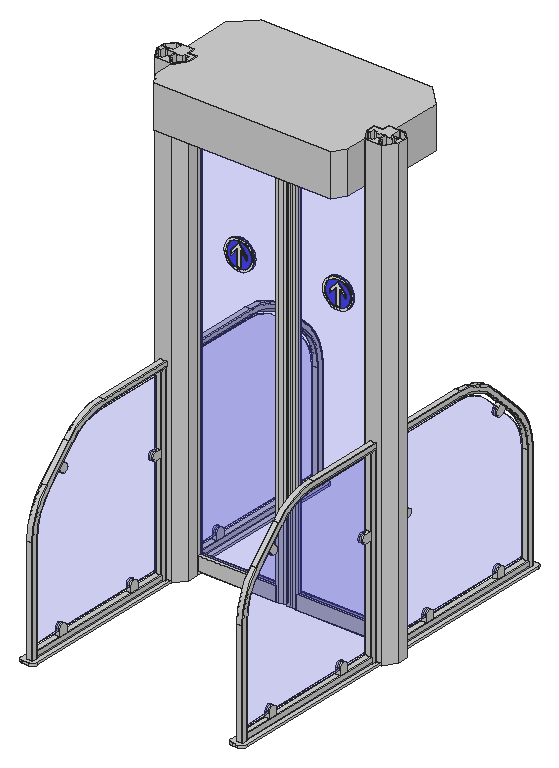
Revit family "agtatec_Record_ScrtTnnl_FlipFlowWide_Standalone2", category Doors, Revit 2015 (continued)
Automatic sketch dimensions
  curve 82 to curve 38 = 0.00 mm
  curve 38 to curve 83 = 0.00 mm
  curve 91 to curve 38 = 0.00 mm
  curve 83 to curve 38 = 19.042 mm
  curve 38 to curve 82 = 11.041 mm
  curve 38 to curve 91 = 11.041 mm
  curve 79 to curve 26 = 15.00 mm
  curve 78 to curve 1 = 6.897 mm
  curve 78 to curve 38 = 11.041 mm
  curve 78 to curve 78 = 846.634 mm
  curve 78 to curve 81 = 0.00 mm
  curve 80 to curve 81 = 0.002 mm
  curve 80 to curve 79 = 0.00 mm
  curve 81 to curve 81 = 3.001 mm
  curve 6 to curve 16 = 0.00 mm
  curve 9 to curve 10 = 9.50 mm
  curve 82 to curve 91 = 846.634 mm
  curve 91 to curve 88 = 0.00 mm
  curve 88 to curve 90 = 0.002 mm
  curve 89 to curve 90 = 0.00 mm
  curve 88 to curve 88 = 3.001 mm
  curve 86 to curve 38 = 11.00 mm
  curve 87 to curve 86 = 347.716 mm
  curve 82 to curve 86 = 0.00 mm
  curve 86 to curve 85 = 0.002 mm
  curve 85 to curve 83 = 0.00 mm
  curve 85 to curve 85 = 2.999 mm
  curve 38 to curve 79 = 19.042 mm
  curve 83 to curve 85 = 0.042 mm
  curve 79 to curve 80 = 0.042 mm
  curve 90 to curve 89 = 0.042 mm
  curve 80 to curve 77 = 2.958 mm
  curve 85 to curve 84 = 2.958 mm
  curve 89 to curve 87 = 2.958 mm
  curve 88 to curve 91 = 3.042 mm
  curve 86 to curve 86 = 3.001 mm
  curve 81 to curve 78 = 3.042 mm
  curve 81 to curve 77 = 0.042 mm
  curve 88 to curve 88 = 0.042 mm
  curve 93 to curve 60 = 6.897 mm
  curve 92 to curve 42 = 15.00 mm
  curve 39 to curve 96 = 11.00 mm
  curve 96 to curve 93 = 846.634 mm
  curve 96 to curve 93 = 0.00 mm
  curve 95 to curve 96 = 0.002 mm
  curve 92 to curve 95 = 0.00 mm
  curve 95 to curve 95 = 2.999 mm
  curve 39 to curve 106 = 0.21 mm
  curve 39 to curve 97 = 0.21 mm
  curve 98 to curve 106 = 0.00 mm
  curve 105 to curve 97 = 0.00 mm
  curve 39 to curve 103 = 7.998 mm
  curve 98 to curve 103 = 846.634 mm
  curve 103 to curve 106 = 0.00 mm
  curve 103 to curve 104 = 0.002 mm
  curve 105 to curve 104 = 0.00 mm
  curve 103 to curve 103 = 3.001 mm
  curve 39 to curve 101 = 7.998 mm
  curve 102 to curve 101 = 347.716 mm
  curve 101 to curve 98 = 0.00 mm
  curve 101 to curve 97 = 0.002 mm
  curve 97 to curve 100 = 0.00 mm
  curve 101 to curve 101 = 3.001 mm
  curve 39 to curve 93 = 11.041 mm
  curve 106 to curve 103 = 3.042 mm
  curve 98 to curve 101 = 3.042 mm
  curve 98 to curve 101 = 0.041 mm
  curve 106 to curve 103 = 0.041 mm
  curve 96 to curve 96 = 2.959 mm
  curve 104 to curve 39 = 16.001 mm
  curve 100 to curve 39 = 16.001 mm
  curve 95 to curve 39 = 16.001 mm
  curve 104 to curve 102 = 0.041 mm
  curve 95 to curve 95 = 0.041 mm
  curve 100 to curve 99 = 0.041 mm
  curve 95 to curve 92 = 0.042 mm
  curve 104 to curve 105 = 0.042 mm
  curve 97 to curve 105 = 0.00 mm
  plane 1 "Entry" to Extrusion 47 sketch curve = 155.03 mm
  Extrusion 47 sketch curve to Extrusion 47 sketch curve = 13.25 mm
  Extrusion 48 sketch curve to plane 15 = 349.10 mm
  Extrusion 48 sketch curve to Extrusion 48 sketch curve = 23.33 mm
Nested families
  nested 1: "Panel" at (-473.1, 0, 0), type "Left"
    with PanelWidth 473.10 mm, OpeningRotationAngle 0.00°, Exit yes
  nested 2: "Panel" at (473.1, 0, 0) x (-1, 0, 0) z (0, 0, 1), type "Right"
    with RightPanel yes, PanelWidth 473.10 mm, OpeningRotationAngle 0.00°, LeftPanel no, Exit yes
  nested 3: "Extended" at (0, 0, 0), visible <- "Extended", type "Extended"
    with PassageWidth 900.00 mm, PanelWidth 442.75 mm
Definition of nested family "Panel"
  Parameters
    Width = 0.00 mm
    URL = ""
    Type Comments = ""
    Thickness = 0.00 mm
    Rubber = none
    Rough Width = 0.00 mm
    Rough Height = 0.00 mm
    RightPanel = no
    PassageHeight = 2150.00 mm
    PanelWidth = 449.75 mm
    PanelGlass = none
    Operation = "Automatic"
    OpeningRotationAngle = 45.00°
    Model = ""
    Manufacturer = ""
    LeftPanel = not(RightPanel)  # yes
    Keynote = ""
    Height = 0.00 mm
    Function = (empty or 0)
    Frames = none
    Exit = no
    Entry = yes
    Description = ""
    Default Elevation = 1219.20 mm
    Cost = 0
    Construction Type = ""
    Assembly Code = ""
  Reference planes
    plane 1 "Center (Front/Back)": y = 0
    plane 2: z = 0
    plane 3 "Center (Left/Right)": x = 0
    plane 4 "Top": z = 2150
    plane 5: z = 2143
    plane 6: z = 20
    plane 7 "Exit": y = 8
    plane 8: z = 2114
    plane 9: z = 49
  Forms (mm)
    Sweep 1, solid, material <- "Frames"
      path origin (0, 0, 0) x (0.707107, 0.707107, 0) y (0, 0, 1)
        loop
          line (0, 2150) -> (0, 0)
      profile origin (0, 0, 1075) x (0.707107, -0.707107, 0) y (0.707107, 0.707107, 0)
        loop
          arc (-15, 13.229) -> (0, -20) -> (15, 13.229) r 20
          line (15, 13.229) -> (15, 23) -> (2, 23) -> (2, 11.4) -> (-12, 11.4) -> (-12, 23) -> (-15, 23) -> (-15, 13.229)
    Sweep 2, solid, material <- "Frames", visible <- "LeftPanel"
      path origin (0, 0, 0) x (0.707107, 0.707107, 0) y (0, 0, 1)
        loop
          line (449.75, 2143) -> (449.75, 20)
      profile origin (318.021, 318.021, 1081.5) x (0.707107, -0.707107, 0) y (0.707107, 0.707107, 0)
        loop
          line (-12, -39.05) -> (1.998, -39.05) -> (1.998, -50.643) -> (14.998, -50.643) -> (14.998, -35.65) -> (11.459, -13.245) -> (4, -7.655) -> (4, 7.349) -> (-4.002, 7.349) -> (-4.002, -7.655) -> (-11.461, -13.245) -> (-15.001, -35.65) -> (-15.001, -50.643) -> (-12, -50.643) -> (-12, -39.05)
    Sweep 3, solid, material <- "Frames"
      path origin (0, 0, 0) x (0.707107, 0.707107, 0) y (-0.707107, 0.707107, 0)
        loop
          line (399.107, 0) -> (23, 0)
      profile origin (149.237, 149.237, 0) x (0.707107, -0.707107, 0) y (0, 0, 1)
        loop
          line (-15, 90) -> (-15, 20) -> (-12, 20) -> (-12, 33) -> (12, 33) -> (12, 20) -> (15, 20) -> (15, 90) -> (2, 90) -> (2, 45.4) -> (-12, 45.4) -> (-12, 90) -> (-15, 90)
    Sweep 4, solid, material <- "Rubber"
      path origin (0, 0, 0) x (0.707107, 0.707107, 0) y (-0.707107, 0.707107, 0)
        loop
          line (399.107, 0) -> (33.008, 0)
      profile origin (152.776, 152.776, 0) x (0.707107, -0.707107, 0) y (0, 0, 1)
        loop
          line (-12, 20) -> (-1.235, 20) -> (-0.472, 7) -> (0.472, 7) -> (1.235, 20) -> (12, 20) -> (12, 30.5) -> (0, 30.5) -> (-12, 30.5) -> (-12, 20)
    Sweep 5, solid, material <- "Frames"
      path origin (0, 0, 2150) x (0.707107, -0.707107, 0) y (0.707107, 0.707107, 0)
        loop
          line (0, 399.107) -> (0, 23)
      profile origin (149.237, 149.237, 2150) x (0.707107, -0.707107, 0) y (0, 0, 1)
        loop
          line (-15, -77) -> (-12, -77) -> (-12, -32.4) -> (2, -32.4) -> (2, -77) -> (15, -77) -> (15, -7) -> (12, -7) -> (12, -20) -> (-12, -20) -> (-12, -7) -> (-15, -7) -> (-15, -77)
    Extrusion 6, solid, material <- "PanelGlass"
      sketch origin (0, 0, 0) x (0.707107, 0.707107, 0) y (-0.707107, 0.707107, 0)
        loop
          line (407.1, 0) -> (407.1, 8) -> (15, 8) -> (15, 0) -> (407.1, 0)
      from 49 to 2114
    Sweep 7, solid, visible <- "Entry"
      path origin (0, 0, 0) x (0.707107, 0.707107, 0) y (-0.707107, 0.707107, 0)
        loop
          line (211.053, 0) -> (211.053, -1.002)
      profile origin (149.592, 148.883, 0) x (0.707107, 0.707107, 0) y (0, 0, 1)
        loop
          circle (0, 1520) r 75
        loop
          circle (0, 1520) r 65
        loop
          line (10, 1465) -> (10, 1543.636) -> (40, 1507.883) -> (40, 1527.33) -> (0, 1575) -> (-40, 1527.33) -> (-40, 1507.883) -> (-10, 1543.636) -> (-10, 1465) -> (10, 1465)
    Sweep 8, solid, visible <- "Exit"
      path origin (0, 0, 0) x (0.707107, 0.707107, 0) y (-0.707107, 0.707107, 0)
        loop
          line (211.053, 9) -> (211.053, 8)
      profile origin (143.227, 155.248, 0) x (0.707107, 0.707107, 0) y (0, 0, 1)
        loop
          circle (0, 1520) r 75
        loop
          circle (0, 1520) r 65
        loop
          line (55, 1530) -> (-55, 1530) -> (-55, 1510) -> (55, 1510) -> (55, 1530)
    Sweep 9, solid, visible <- "Entry"
      path origin (0, 0, 0) x (0.707107, 0.707107, 0) y (-0.707107, 0.707107, 0)
        loop
          line (211.053, 0) -> (211.053, -1.002)
      profile origin (149.592, 148.883, 0) x (0.707107, 0.707107, 0) y (0, 0, 1)
        loop
          circle (0, 1520) r 65
        loop
          line (10, 1465) -> (10, 1543.636) -> (40, 1507.883) -> (40, 1527.33) -> (0, 1575) -> (-40, 1527.33) -> (-40, 1507.883) -> (-10, 1543.636) -> (-10, 1465) -> (10, 1465)
    Sweep 10, solid, visible <- "Exit"
      path origin (0, 0, 0) x (0.707107, 0.707107, 0) y (-0.707107, 0.707107, 0)
        loop
          line (211.053, 9) -> (211.053, 8)
      profile origin (143.227, 155.248, 0) x (0.707107, 0.707107, 0) y (0, 0, 1)
        loop
          circle (0, 1520) r 65
        loop
          line (55, 1530) -> (-55, 1530) -> (-55, 1510) -> (55, 1510) -> (55, 1530)
    Sweep 11, solid, material <- "Frames", visible <- "RightPanel"
      path origin (0, 0, 0) x (0.707107, 0.707107, 0) y (0, 0, 1)
        loop
          line (449.75, 2143) -> (449.75, 20)
      profile origin (318.021, 318.021, 1081.5) x (0.707107, -0.707107, 0) y (0.707107, 0.707107, 0)
        loop
          line (-12.001, -39.05) -> (1.998, -39.05) -> (1.998, -50.643) -> (14.998, -50.643) -> (14.998, -35.65) -> (11.997, -16.65) -> (11.997, -2.65)
          arc (11.997, -2.65) -> (9.768, 2.472) -> (4.5, 4.332) r 7
          line (4.5, 4.332) -> (4.5, -14.15) -> (-4.5, -14.15) -> (-4.5, 4.332)
          arc (-4.5, 4.332) -> (-9.769, 2.473) -> (-11.999, -2.65) r 7
          line (-11.999, -2.65) -> (-11.999, -16.65) -> (-15.001, -35.65) -> (-15.001, -50.643) -> (-12.001, -50.643) -> (-12.001, -39.05)
  Lines and regions (mm)
    Masking region 1
      outline origin (0, 0, 0) x (0.707107, 0.707107, 0) y (-0.707107, 0.707107, 0)
        loop
          arc (13.229, 15) -> (-20, 0) -> (13.229, -15) r 20
          line (13.229, -15) -> (23, -15) -> (23, 15) -> (13.229, 15)
    Masking region 2
      outline origin (0, 0, 0) x (0.707107, 0.707107, 0) y (-0.707107, 0.707107, 0)
        loop
          line (23, -15) -> (399.107, -15) -> (399.107, 15) -> (23, 15) -> (23, -15)
    Masking region 3, visible <- "LeftPanel", detail levels fine
      outline origin (0, 0, 0) x (0.707107, 0.707107, 0) y (-0.707107, 0.707107, 0)
        loop
          line (399.107, -14.998) -> (414.1, -14.998) -> (436.505, -11.459) -> (442.095, -4) -> (457.099, -4) -> (457.099, 4.002) -> (442.095, 4.002) -> (436.505, 11.461) -> (414.1, 15.001) -> (399.107, 15.001) -> (399.107, -14.998)
    Masking region 4, visible <- "RightPanel", detail levels fine
      outline origin (0, 0, 0) x (0.707107, 0.707107, 0) y (-0.707107, 0.707107, 0)
        loop
          line (414.1, -14.998) -> (433.1, -11.997) -> (447.1, -11.997)
          arc (447.1, -11.997) -> (452.222, -9.768) -> (454.082, -4.5) r 7
          line (454.082, -4.5) -> (435.6, -4.5) -> (435.6, 4.5) -> (454.082, 4.5)
          arc (454.082, 4.5) -> (452.223, 9.769) -> (447.1, 11.999) r 7
          line (447.1, 11.999) -> (433.1, 11.999) -> (414.1, 15.001) -> (399.107, 15.001) -> (399.107, -14.998) -> (414.1, -14.998)
    Masking region 5, detail levels medium
      outline origin (0, 0, 0) x (0.707107, 0.707107, 0) y (-0.707107, 0.707107, 0)
        loop
          line (449.75, -11.997) -> (449.75, 11.999) -> (433.1, 11.999) -> (414.1, 15.001) -> (399.107, 15.001) -> (399.107, -14.998) -> (414.1, -14.998) -> (433.1, -11.997) -> (449.75, -11.997)
    Masking region 6, detail levels coarse
      outline origin (0, 0, 0) x (0.707107, 0.707107, 0) y (-0.707107, 0.707107, 0)
        loop
          line (399.107, -14.998) -> (449.75, -14.998) -> (449.75, 15.001) -> (399.107, 15.001) -> (399.107, -14.998)
    reference lines
      curve 1: line (0, 0, 0) -> (353.553, 353.553, 0)
      curve 2: line (-5.657, 5.657, 0) -> (347.897, 359.21, 0)
      curve 3: line (318.021, 318.021, 0) -> (318.021, 318.021, 27.063)
      curve 4: line (291.399, 291.399, 0) -> (291.399, 291.399, 37.698)
      curve 5: line (287.863, 287.863, 0) -> (287.863, 287.863, 37.698)
      curve 6: line (282.211, 282.211, 0) -> (282.211, 282.211, 37.698)
      curve 7: line (149.237, 149.237, 0) -> (149.237, 149.237, 40)
      curve 8: line (21.567, 21.567, 0) -> (21.567, 21.567, 40)
      curve 9: line (16.263, 16.263, 0) -> (16.263, 16.263, 40)
      curve 10: line (10.607, 10.607, 0) -> (10.607, 10.607, 40)
      curve 11: line (0, 0, 0) -> (0, 0, 40)
      curve 12: line (291.399, 291.399, 0) -> (285.742, 297.056, 0)
      curve 13: line (287.863, 287.863, 0) -> (282.206, 293.52, 0)
      curve 14: line (282.211, 282.211, 0) -> (276.554, 287.868, 0)
      curve 15: line (149.237, 149.237, 0) -> (143.58, 154.894, 0)
      curve 16: line (21.567, 21.567, 0) -> (15.91, 27.224, 0)
      curve 17: line (16.263, 16.263, 0) -> (10.607, 21.92, 0)
      curve 18: line (10.607, 10.607, 0) -> (4.95, 16.263, 0)
      curve 19: line (0, 0, 2150) -> (353.553, 353.553, 2150)
      curve 20: line (318.021, 318.021, 0) -> (312.364, 323.678, 0)
    symbolic lines, detail levels medium+fine
      curve 21: line (291.822, 288.996, 0) -> (283.624, 280.798, 0)
      curve 22: line (281.923, 298.894, 0) -> (291.822, 288.996, 0)
      curve 23: line (273.725, 290.697, 0) -> (281.923, 298.894, 0)
      curve 24: line (7.778, 24.749, 0) -> (273.726, 290.696, 0)
      curve 25: line (283.625, 280.797, 0) -> (17.678, 14.849, 0)
      curve 26: line (17.678, 14.849, 0) -> (9.475, 6.647, 0)
      curve 27: line (9.475, 6.647, 0) -> (-0.424, 16.546, 0)
      curve 28: line (-0.424, 16.546, 0) -> (7.778, 24.749, 0)
      curve 33: line (283.624, 280.798, 0) -> (292.816, 271.606, 0)
      curve 34: line (271.604, 292.818, 0) -> (273.725, 290.697, 0)
      curve 35: line (26.87, 5.657, 0) -> (17.678, 14.849, 0)
      curve 36: line (7.778, 24.749, 0) -> (5.657, 26.87, 0)
    symbolic lines, detail levels fine
      curve 29: line (4.95, 16.263, 0) -> (10.607, 10.607, 0)
      curve 30: line (10.607, 10.607, 0) -> (287.863, 287.863, 0)
      curve 31: line (282.206, 293.52, 0) -> (4.95, 16.263, 0)
      curve 32: line (287.863, 287.863, 0) -> (282.206, 293.52, 0)
  Dimensions and locks
    "PassageHeight": plane 4 "Top" to plane 2
    locked: plane 4 "Top" to plane 5 at 7
    locked: plane 4 "Top" to plane 8 at 36
    curve 8 to curve 9 to curve 10 to curve 11 = 7.50 mm locked, 8.00 mm locked, 15.00 mm locked
    curve 3 to curve 4 to curve 5 to curve 6 = 37.65 mm locked, 5.00 mm locked, 7.993 mm locked
    equal spacing: curve 6, curve 7, curve 9
    "PanelWidth": curve 3 to curve 11
    "PassageHeight": curve 19 to curve 1
    "OpeningRotationAngle": angle plane 1 "Center (Front/Back)" to curve 1
    aligned and locked: level to plane 2
    aligned and locked: plane 4 "Top" to Sweep 1 sketch curve
    aligned and locked: level to Sweep 1 sketch curve
    aligned and locked: plane 5 to Sweep 2 sketch curve
    aligned and locked: plane 6 to Sweep 2 sketch curve
    aligned and locked: plane 8 to Extrusion 6
    aligned and locked: Extrusion 6 to plane 9
    aligned and locked: plane 3 "Center (Left/Right)" to curve 1
    aligned and locked: plane 1 "Center (Front/Back)" to curve 1
    aligned and locked: Sweep 3 sketch curve to curve 1
    aligned and locked: Sweep 5 sketch curve to curve 1
    aligned and locked: Sweep 1 sketch curve to curve 11
    aligned and locked: Sweep 4 sketch curve to curve 1
    aligned and locked: Sweep 2 sketch curve to curve 3
    aligned and locked: Sweep 3 sketch curve to curve 14
    aligned and locked: Sweep 3 sketch curve to curve 17
    aligned and locked: Extrusion 6 to curve 5
    aligned and locked: Sweep 7 sketch curve to curve 15
    aligned and locked: Sweep 9 sketch curve to curve 15
    aligned and locked: Sweep 8 sketch curve to curve 15
    aligned and locked: Sweep 10 sketch curve to curve 15
    aligned and locked: Sweep 11 sketch curve to curve 3
    aligned and locked: plane 6 to Sweep 11 sketch curve
    aligned and locked: plane 5 to Sweep 11 sketch curve
    aligned and locked: Sweep 5 sketch curve to curve 14
    aligned and locked: Sweep 4 sketch curve to curve 14
    aligned and locked: Masking region 1 sketch curve to Sweep 1  (x3)
    aligned and locked: Masking region 2 sketch curve to Sweep 3  (x2)
    aligned and locked: Masking region 2 sketch curve to curve 17
    aligned and locked: Masking region 2 sketch curve to curve 14
    aligned and locked: Masking region 1 sketch curve to curve 17
    aligned and locked: Masking region 3 sketch curve to curve 14
    aligned and locked: Masking region 3 sketch curve to Sweep 2  (x9)
    aligned and locked: Masking region 4 sketch curve to Sweep 11  (x10)
    aligned and locked: Masking region 4 sketch curve to curve 14
    aligned and locked: Masking region 5 sketch curve to curve 20
    aligned and locked: Masking region 5 sketch curve to Sweep 11  (x6)
    aligned and locked: Masking region 5 sketch curve to curve 14
    aligned and locked: Masking region 6 sketch curve to curve 14
    aligned and locked: Masking region 6 sketch curve to Sweep 11  (x2)
    aligned and locked: Masking region 6 sketch curve to curve 20
    aligned and locked: curve 21 to Sweep 11
    aligned and locked: curve 22 to Sweep 11
    aligned and locked: curve 23 to Sweep 11
    aligned and locked: curve 24 to Sweep 3
    aligned and locked: curve 25 to Sweep 3
    aligned and locked: curve 26 to Sweep 1
    aligned and locked: curve 27 to Sweep 1
    aligned and locked: curve 28 to Sweep 1
    aligned and locked: curve 29 to Extrusion 6
    aligned and locked: curve 30 to Extrusion 6
    aligned and locked: curve 31 to Extrusion 6
    aligned and locked: curve 32 to Extrusion 6
    aligned and locked: curve 33 to Sweep 11
    aligned and locked: curve 34 to Sweep 11
    aligned and locked: curve 35 to Sweep 1
    aligned and locked: curve 36 to Sweep 1
  Automatic sketch dimensions
    Sweep 4 sketch curve to profile plane = 0.00 mm
    profile plane to Sweep 4 sketch curve = 0.472 mm
    Sweep 4 sketch curve to profile plane = 1.235 mm
    level to Sweep 4 sketch curve = 7.00 mm
    Sweep 4 sketch curve to Sweep 4 sketch curve = 0.00 mm
    Sweep 4 sketch curve to Sweep 4 sketch curve = 10.50 mm
    Sweep 4 sketch curve to profile plane = 0.472 mm
    profile plane to Sweep 4 sketch curve = 1.235 mm
    Sweep 4 sketch curve to Sweep 4 sketch curve = 10.765 mm  (x2)
    Sweep 4 sketch curve to Sweep 4 sketch curve = 13.00 mm
    profile plane to Sweep 3 sketch curve = 15.00 mm
    Sweep 3 sketch curve to Sweep 3 sketch curve = 3.00 mm  (x3)
    Sweep 3 sketch curve to profile plane = 2.00 mm
    Sweep 3 sketch curve to profile plane = 12.00 mm
    level to Sweep 3 sketch curve = 20.00 mm  (x2)
    Sweep 3 sketch curve to Sweep 3 sketch curve = 13.00 mm
    Sweep 3 sketch curve to Sweep 3 sketch curve = 12.40 mm
    Sweep 3 sketch curve to Sweep 3 sketch curve = 44.60 mm
    Sweep 3 sketch curve to Sweep 3 sketch curve = 0.00 mm
    profile plane to Sweep 5 sketch curve = 15.00 mm
    Sweep 5 sketch curve to Sweep 5 sketch curve = 3.00 mm  (x3)
    Sweep 5 sketch curve to profile plane = 2.00 mm
    Sweep 5 sketch curve to profile plane = 12.00 mm
    Sweep 5 sketch curve to plane 4 "Top" = 77.00 mm
    Sweep 5 sketch curve to Sweep 5 sketch curve = 0.00 mm
    Sweep 5 sketch curve to plane 4 "Top" = 32.40 mm
    Sweep 5 sketch curve to Sweep 5 sketch curve = 12.40 mm
    Sweep 5 sketch curve to plane 4 "Top" = 7.00 mm  (x2)
    Sweep 7 sketch curve to Sweep 7 sketch curve = 0.00 mm  (x3)
    profile plane to Sweep 7 sketch curve = 0.00 mm  (x2)
    profile plane to Sweep 7 sketch curve = 10.00 mm
    Sweep 7 sketch curve to Sweep 7 sketch curve = 30.00 mm
    Sweep 7 sketch curve to profile plane = 10.00 mm
    Sweep 7 sketch curve to profile plane = 40.00 mm
    level to Sweep 7 sketch curve = 1465.00 mm
    Sweep 7 sketch curve to Sweep 7 sketch curve = 42.883 mm  (x2)
    Sweep 7 sketch curve to Sweep 7 sketch curve = 12.117 mm
    Sweep 7 sketch curve to Sweep 7 sketch curve = 19.447 mm  (x2)
    Sweep 7 sketch curve to Sweep 7 sketch curve = 23.636 mm
    Sweep 7 sketch curve to Sweep 7 sketch curve = 31.364 mm
    Sweep 8 sketch curve to Sweep 8 sketch curve = 0.00 mm  (x2)
    profile plane to Sweep 8 sketch curve = 0.00 mm
    Sweep 8 sketch curve to Sweep 8 sketch curve = 10.00 mm
    Sweep 8 sketch curve to Sweep 8 sketch curve = 20.00 mm
    profile plane to Sweep 8 sketch curve = 55.00 mm
    Sweep 8 sketch curve to profile plane = 55.00 mm
    level to Sweep 8 sketch curve = 1510.00 mm
    profile plane to Sweep 9 sketch curve = 0.00 mm  (x2)
    profile plane to Sweep 9 sketch curve = 10.00 mm
    profile plane to Sweep 9 sketch curve = 40.00 mm
    Sweep 9 sketch curve to profile plane = 10.00 mm
    Sweep 9 sketch curve to profile plane = 40.00 mm
    level to Sweep 9 sketch curve = 1465.00 mm
    Sweep 9 sketch curve to Sweep 9 sketch curve = 42.883 mm  (x2)
    Sweep 9 sketch curve to Sweep 9 sketch curve = 12.117 mm
    Sweep 9 sketch curve to Sweep 9 sketch curve = 19.447 mm  (x2)
    Sweep 9 sketch curve to Sweep 9 sketch curve = 0.00 mm
    Sweep 9 sketch curve to Sweep 9 sketch curve = 31.364 mm
    Sweep 9 sketch curve to Sweep 9 sketch curve = 23.636 mm
    profile plane to Sweep 10 sketch curve = 0.00 mm
    profile plane to Sweep 10 sketch curve = 55.00 mm
    Sweep 10 sketch curve to profile plane = 55.00 mm
    level to Sweep 10 sketch curve = 1510.00 mm
    Sweep 10 sketch curve to Sweep 10 sketch curve = 10.00 mm
    Sweep 10 sketch curve to Sweep 10 sketch curve = 20.00 mm
    curve 1 to Extrusion 6 sketch curve = 0.00 mm
    curve 1 to Extrusion 6 sketch curve = 15.00 mm
    Extrusion 6 sketch curve to curve 1 = 8.00 mm
    Extrusion 6 sketch curve to Extrusion 6 sketch curve = 392.10 mm
    curve 1 to Sweep 7 sketch curve = 0.00 mm
    curve 1 to Sweep 7 sketch curve = 1.002 mm
    Sweep 8 sketch curve to curve 1 = 8.00 mm
    Sweep 8 sketch curve to Sweep 8 sketch curve = 1.00 mm
    curve 1 to Sweep 9 sketch curve = 0.00 mm
    curve 1 to Sweep 9 sketch curve = 1.002 mm
    Sweep 10 sketch curve to curve 1 = 8.00 mm
    Sweep 10 sketch curve to Sweep 10 sketch curve = 1.00 mm
    curve 2 to curve 1 = 0.00 mm  (x2)
    curve 1 to curve 2 = 8.00 mm
    Sweep 1 sketch curve to profile plane = 0.00 mm
    profile plane to Sweep 1 sketch curve = 0.00 mm
    Sweep 1 sketch curve to profile plane = 12.00 mm
    Sweep 1 sketch curve to Sweep 1 sketch curve = 3.00 mm
    profile plane to Sweep 1 sketch curve = 2.00 mm
    Sweep 1 sketch curve to Sweep 1 sketch curve = 13.00 mm
    Sweep 1 sketch curve to profile plane = 11.40 mm
    Sweep 1 sketch curve to Sweep 1 sketch curve = 1.829 mm
    Sweep 1 sketch curve to Sweep 1 sketch curve = 9.771 mm  (x2)
    Sweep 2 sketch curve to profile plane = 15.001 mm
    Sweep 2 sketch curve to Sweep 2 sketch curve = 3.001 mm
    Sweep 2 sketch curve to profile plane = 11.461 mm
    Sweep 2 sketch curve to profile plane = 4.002 mm
    profile plane to Sweep 2 sketch curve = 1.998 mm
    profile plane to Sweep 2 sketch curve = 4.00 mm
    Sweep 2 sketch curve to Sweep 2 sketch curve = 7.459 mm
    Sweep 2 sketch curve to Sweep 2 sketch curve = 13.00 mm
    profile plane to Sweep 2 sketch curve = 50.643 mm
    Sweep 2 sketch curve to Sweep 2 sketch curve = 0.00 mm
    Sweep 2 sketch curve to Sweep 2 sketch curve = 11.593 mm
    Sweep 2 sketch curve to Sweep 2 sketch curve = 3.40 mm  (x2)
    profile plane to Sweep 2 sketch curve = 13.245 mm  (x2)
    profile plane to Sweep 2 sketch curve = 7.655 mm  (x2)
    Sweep 2 sketch curve to profile plane = 7.349 mm
    curve 1 to Sweep 4 sketch curve = 33.008 mm
    curve 4 to curve 12 = 0.00 mm
    curve 12 to curve 4 = 8.00 mm
    curve 12 to curve 4 = 0.00 mm
    curve 5 to curve 13 = 0.00 mm
    curve 13 to curve 5 = 8.00 mm
    curve 13 to curve 5 = 0.00 mm
    curve 6 to curve 14 = 0.00 mm
    curve 14 to curve 6 = 8.00 mm
    curve 14 to curve 6 = 0.00 mm
    curve 7 to curve 15 = 0.00 mm
    curve 15 to curve 7 = 8.00 mm
    curve 15 to curve 7 = 0.00 mm
    curve 8 to curve 16 = 0.00 mm
    curve 16 to curve 8 = 8.00 mm
    curve 16 to curve 8 = 0.00 mm
    curve 9 to curve 17 = 0.00 mm
    curve 17 to curve 9 = 8.00 mm
    curve 17 to curve 9 = 0.00 mm
    curve 10 to curve 18 = 0.00 mm
    curve 18 to curve 10 = 8.00 mm
    curve 18 to curve 10 = 0.00 mm
    Sweep 11 sketch curve to profile plane = 15.001 mm
    Sweep 11 sketch curve to Sweep 11 sketch curve = 3.00 mm
    profile plane to Sweep 11 sketch curve = 2.65 mm  (x2)
    Sweep 11 sketch curve to profile plane = 11.999 mm
    Sweep 11 sketch curve to profile plane = 4.999 mm
    Sweep 11 sketch curve to profile plane = 4.50 mm
    profile plane to Sweep 11 sketch curve = 1.998 mm
    profile plane to Sweep 11 sketch curve = 4.50 mm
    profile plane to Sweep 11 sketch curve = 4.997 mm
    Sweep 11 sketch curve to Sweep 11 sketch curve = 7.00 mm
    Sweep 11 sketch curve to Sweep 11 sketch curve = 13.00 mm
    Sweep 11 sketch curve to Sweep 11 sketch curve = 11.50 mm
    Sweep 11 sketch curve to Sweep 11 sketch curve = 2.50 mm  (x2)
    Sweep 11 sketch curve to Sweep 11 sketch curve = 19.00 mm  (x2)
    Sweep 11 sketch curve to Sweep 11 sketch curve = 3.40 mm
    Sweep 11 sketch curve to Sweep 11 sketch curve = 11.593 mm
    Sweep 11 sketch curve to Sweep 11 sketch curve = 14.993 mm
    curve 11 to curve 1 = 0.00 mm  (x2)
    curve 19 to curve 1 = 0.00 mm  (x2)
    curve 3 to curve 1 = 0.00 mm
    curve 4 to curve 1 = 0.00 mm
    curve 10 to curve 1 = 0.00 mm
    curve 5 to curve 1 = 0.00 mm
    curve 9 to curve 1 = 0.00 mm
    curve 6 to curve 1 = 0.00 mm
    curve 8 to curve 1 = 0.00 mm
    curve 7 to curve 1 = 0.00 mm
    curve 1 to curve 11 = 40.00 mm
    curve 3 to curve 1 = 27.063 mm
    curve 6 to curve 1 = 37.698 mm
    curve 5 to curve 6 = 0.00 mm
    curve 4 to curve 5 = 0.00 mm
    curve 7 to curve 1 = 40.00 mm
    curve 1 to curve 10 = 40.00 mm
    curve 9 to curve 10 = 0.00 mm
    curve 8 to curve 9 = 0.00 mm
    curve 19 to Sweep 5 sketch curve = 23.00 mm
    curve 3 to curve 20 = 0.00 mm
    curve 20 to curve 3 = 8.00 mm
    curve 20 to curve 3 = 0.00 mm
    curve 23 to curve 24 = 0.00 mm
    curve 21 to curve 25 = 0.00 mm
    curve 1 to curve 29 = 0.00 mm
    curve 27 to curve 29 = 3.60 mm
    curve 30 to curve 21 = 3.60 mm
    curve 29 to curve 27 = 4.00 mm
    curve 33 to curve 25 = 12.998 mm
    curve 23 to curve 34 = 3.00 mm
    curve 35 to curve 25 = 13.00 mm
    curve 36 to curve 36 = 3.00 mm
    radius of Sweep 7 sketch curve = 75.00 mm
    radius of Sweep 7 sketch curve = 65.00 mm
    radius of Sweep 8 sketch curve = 75.00 mm
    radius of Sweep 8 sketch curve = 65.00 mm
    radius of Sweep 9 sketch curve = 65.00 mm
    radius of Sweep 10 sketch curve = 65.00 mm
Definition of nested family "Extended"
  Parameters
    Width = 0.00 mm
    URL = ""
    Type Comments = ""
    Thickness = 0.00 mm
    Rough Width = 0.00 mm
    Rough Height = 0.00 mm
    PassageWidth = 899.50 mm
    PanelWidth = (PassageWidth / 2) - 7.25 mm  # 442.50 mm
    PanelGlass = none
    Operation = "Automatic"
    OpeningRotationAngle = if(OpenDoor, 90.00°, 0.00°)  # 0.00°
    OpenDoor = no
    Model = ""
    Manufacturer = ""
    Keynote = ""
    Height = 0.00 mm
    Function = 1
    Frames = none
    Fire Rating = ""
    Description = ""
    Cost = 0
    Construction Type = "Automatic Sliding Door"
    Assembly Code = ""
  Reference planes
    plane 1 "Entry": y = 0
    plane 2: z = 0
    plane 3 "Center (Left/Right)": x = 0
    plane 4 "Top": z = 2361
    plane 5 "PH": z = 2150
    plane 6: x = -449.75
    plane 7: x = 449.75
    plane 8 "Right": x = 527.8
    plane 9: x = 536
    plane 10 "Left": x = -527.8
    plane 11: x = -536
    plane 12: y = 9.35
    plane 13: y = 17.45
    plane 14: z = 70.9
    plane 15: z = 2130.9
    plane 16: y = 839.45
    plane 17: x = 485.75
    plane 18: x = -485.75
  Forms (mm)
    Extrusion 1, solid, material <- "Frames"
      sketch origin (0, 0, 0) x (1, 0, 0) y (0, 0, 1)
        loop
          line (495, 0) -> (569, 0) -> (569, 103)
          arc (569, 103) -> (567.828, 105.828) -> (565, 107) r 4
          line (565, 107) -> (499, 107)
          arc (499, 107) -> (496.172, 105.828) -> (495, 103) r 4
          line (495, 103) -> (495, 0)
      from -17.45 to -2016.45
    Extrusion 2, solid, material <- "Frames"
      sketch origin (-1063.8, 0, 0) x (1, 0, 0) y (0, 0, 1)
        loop
          line (495, 0) -> (569, 0) -> (569, 103)
          arc (569, 103) -> (567.828, 105.828) -> (565, 107) r 4
          line (565, 107) -> (499, 107)
          arc (499, 107) -> (496.172, 105.828) -> (495, 103) r 4
          line (495, 103) -> (495, 0)
      from -17.45 to -2016.45
    Extrusion 3, solid, material <- "Frames"
      sketch origin (0, 0, 0) x (1, 0, 0) y (0, 0, 1)
        loop
          line (448, 0) -> (616, 0) -> (616, 364)
          arc (616, 364) -> (614.828, 366.828) -> (612, 368) r 4
          line (612, 368) -> (452, 368)
          arc (452, 368) -> (449.172, 366.828) -> (448, 364) r 4
          line (448, 364) -> (448, 0)
      from -697.45 to -981.45
    Extrusion 4, solid, material <- "Frames"
      sketch origin (0, 0, 0) x (-1, 0, 0) y (0, 0, -1)
        loop
          line (448, 0) -> (448, -364)
          arc (448, -364) -> (449.172, -366.828) -> (452, -368) r 4
          line (452, -368) -> (612, -368)
          arc (612, -368) -> (614.828, -366.828) -> (616, -364) r 4
          line (616, -364) -> (616, 0) -> (448, 0)
      from -697.45 to -981.45
    Extrusion 5, solid, material <- "PanelGlass"
      sketch origin (527.8, 0, 0) x (0, -1, 0) y (0, 0, 1)
        loop
          line (-697.45, 107) -> (-17.45, 107) -> (-17.45, 1039) -> (-1878.45, 1039)
          arc (-1878.45, 1039) -> (-1949.161, 1009.711) -> (-1978.45, 939) r 100
          line (-1978.45, 939) -> (-1978.45, 107) -> (-981.45, 107) -> (-981.45, 368) -> (-697.45, 368) -> (-697.45, 107)
      from 1.9 to -10.1
    Extrusion 6, solid, material <- "PanelGlass"
      sketch origin (-527.8, 0, 0) x (0, -1, 0) y (0, 0, -1)
        loop
          line (-697.45, -107) -> (-697.45, -368) -> (-981.45, -368) -> (-981.45, -107) -> (-1978.45, -107) -> (-1978.45, -939)
          arc (-1978.45, -939) -> (-1949.161, -1009.711) -> (-1878.45, -1039) r 100
          line (-1878.45, -1039) -> (-17.45, -1039) -> (-17.45, -107) -> (-697.45, -107)
      from 1.9 to -10.1
    Extrusion 7, solid, material <- "Frames"
      sketch origin (612, 0, 368) x (-1, 0, 0) y (0, -1, 0)
        loop
          circle (126.25, -839.45) r 21.2
      from 0 to 570.5
    Extrusion 8, solid, material <- "Frames"
      sketch origin (-612, 0, 368) x (1, 0, 0) y (0, 1, 0)
        loop
          circle (126.25, 839.45) r 21.2
      from 0 to 570.5
    Extrusion 9, solid, material <- "Frames"
      sketch origin (-612, 0, 368) x (1, 0, 0) y (0, 1, 0)
        loop
          circle (126.25, 839.45) r 32.5
      from 0 to 43.5
    Extrusion 10, solid, material <- "Frames"
      sketch origin (612, 0, 368) x (-1, 0, 0) y (0, -1, 0)
        loop
          circle (126.25, -839.45) r 32.5
      from 0 to 43.5
    Sweep 11, solid, material <- "Frames"
      path origin (485.75, 839.45, 0) x (-1, 0, 0) y (0, 0, 1)
        loop
          line (0, 909.9) -> (367.5, 909.9)
          arc (367.5, 909.9) -> (420.533, 887.933) -> (442.5, 834.9) r 75
          line (442.5, 834.9) -> (442.5, 724.9)
          arc (442.5, 724.9) -> (420.533, 671.867) -> (367.5, 649.9) r 75
          line (367.5, 649.9) -> (0, 649.9)
      profile origin (302, 839.45, 909.9) x (0, 0, 1) y (0, 1, 0)
        loop
          circle (0, 0) r 15
    Extrusion 12, solid, material <- "Frames"
      sketch origin (485.75, 839.45, 0) x (-1, 0, 0) y (0, 0, 1)
        loop
          line (80, 664.9) -> (320, 664.9) -> (320, 894.9) -> (80, 894.9) -> (80, 664.9)
      from -1 to 1
    Extrusion 13, solid
      sketch origin (485.75, 839.45, 0) x (-1, 0, 0) y (0, 0, 1)
        loop
          line (190.004, 727.779) -> (209.996, 727.779) -> (209.996, 806.413) -> (239.982, 770.663) -> (239.982, 790.109) -> (200.002, 837.773) -> (160.018, 790.121) -> (160.018, 770.676) -> (190.004, 806.413) -> (190.004, 727.779)
        loop
          circle (200.002, 782.775) r 75
        loop
          circle (200.002, 782.775) r 65
      from -1 to -3
    Extrusion 14, solid
      sketch origin (485.75, 839.45, 0) x (-1, 0, 0) y (0, 0, 1)
        loop
          circle (200.002, 782.775) r 65
        loop
          line (190.004, 727.779) -> (209.996, 727.779) -> (209.996, 806.413) -> (239.982, 770.663) -> (239.982, 790.109) -> (200.002, 837.773) -> (160.018, 790.121) -> (160.018, 770.676) -> (190.004, 806.413) -> (190.004, 727.779)
      from -1 to -3
    Extrusion 15, solid
      sketch origin (485.75, 839.45, 0) x (-1, 0, 0) y (0, 0, 1)
        loop
          circle (200.002, 782.775) r 75
        loop
          circle (200.002, 782.775) r 65
        loop
          line (145.003, 792.772) -> (145.003, 772.78) -> (254.999, 772.78) -> (254.999, 792.772) -> (145.003, 792.772)
      from 1 to 3
    Extrusion 16, solid
      sketch origin (485.75, 839.45, 0) x (-1, 0, 0) y (0, 0, 1)
        loop
          circle (200.002, 782.775) r 65
        loop
          line (145.003, 772.78) -> (254.999, 772.78) -> (254.999, 792.772) -> (145.003, 792.772) -> (145.003, 772.78)
      from 1 to 3
    Sweep 17, solid, material <- "Frames"
      path origin (-485.75, 839.45, 0) x (1, 0, 0) y (0, 0, 1)
        loop
          line (0, 909.9) -> (367.5, 909.9)
          arc (367.5, 909.9) -> (420.533, 887.933) -> (442.5, 834.9) r 75
          line (442.5, 834.9) -> (442.5, 724.9)
          arc (442.5, 724.9) -> (420.533, 671.867) -> (367.5, 649.9) r 75
          line (367.5, 649.9) -> (0, 649.9)
      profile origin (-302, 839.45, 909.9) x (0, 0, 1) y (0, -1, 0)
        loop
          circle (0, 0) r 15
    Extrusion 18, solid, material <- "Frames"
      sketch origin (-485.75, 839.45, 0) x (1, 0, 0) y (0, 0, 1)
        loop
          line (80, 664.9) -> (320, 664.9) -> (320, 894.9) -> (80, 894.9) -> (80, 664.9)
      from -1 to 1
    Extrusion 19, solid
      sketch origin (-485.75, 839.45, 0) x (1, 0, 0) y (0, 0, 1)
        loop
          line (190.004, 727.779) -> (209.996, 727.779) -> (209.996, 806.413) -> (239.982, 770.663) -> (239.982, 790.109) -> (200.002, 837.773) -> (160.018, 790.121) -> (160.018, 770.676) -> (190.004, 806.413) -> (190.004, 727.779)
        loop
          circle (200.002, 782.775) r 75
        loop
          circle (200.002, 782.775) r 65
      from 3 to 1
    Extrusion 20, solid
      sketch origin (-485.75, 839.45, 0) x (1, 0, 0) y (0, 0, 1)
        loop
          circle (200.002, 782.775) r 65
        loop
          line (190.004, 727.779) -> (209.996, 727.779) -> (209.996, 806.413) -> (239.982, 770.663) -> (239.982, 790.109) -> (200.002, 837.773) -> (160.018, 790.121) -> (160.018, 770.676) -> (190.004, 806.413) -> (190.004, 727.779)
      from 3 to 1
    Extrusion 21, solid
      sketch origin (-485.75, 839.45, 0) x (1, 0, 0) y (0, 0, 1)
        loop
          circle (200.002, 782.775) r 75
        loop
          circle (200.002, 782.775) r 65
        loop
          line (145.003, 792.772) -> (145.003, 772.78) -> (254.999, 772.78) -> (254.999, 792.772) -> (145.003, 792.772)
      from -3 to -1
    Extrusion 22, solid
      sketch origin (-485.75, 839.45, 0) x (1, 0, 0) y (0, 0, 1)
        loop
          circle (200.002, 782.775) r 65
        loop
          line (145.003, 772.78) -> (254.999, 772.78) -> (254.999, 792.772) -> (145.003, 792.772) -> (145.003, 772.78)
      from -3 to -1
  Cuts and joins
    joined: Extrusion 1, Extrusion 3
    joined: Extrusion 2, Extrusion 4
    joined: Extrusion 8, Extrusion 9, Sweep 17
    joined: Extrusion 7, Extrusion 10, Sweep 11
  Lines and regions (mm)
    Masking region 1
      outline origin (-536, 0, 0) x (0, 1, 0) y (-1, 0, 0)
        loop
          line (17.45, 32.8) -> (17.45, -41.2) -> (697.45, -41.2) -> (697.45, -88) -> (981.45, -88) -> (981.45, -41.2) -> (2016.45, -41.2) -> (2016.45, 32.8) -> (981.45, 32.8) -> (981.45, 80) -> (697.45, 80) -> (697.45, 32.8) -> (17.45, 32.8)
    Masking region 2
      outline origin (536, 0, 0) x (0, 1, 0) y (-1, 0, 0)
        loop
          line (17.45, 41) -> (17.45, -33) -> (697.45, -33) -> (697.45, -80) -> (981.45, -80) -> (981.45, -33) -> (2016.45, -33) -> (2016.45, 41) -> (981.45, 41) -> (981.45, 88) -> (697.45, 88) -> (697.45, 41) -> (17.45, 41)
    reference lines
      curve 1: line (-536, 0, 0) -> (-536, 17.45, 0)
      curve 2: line (536, 0, 0) -> (536, 17.45, 0)
      curve 3: line (485.75, 839.45, 0) -> (135.75, 839.45, 0)
      curve 4: line (485.75, 839.45, 0) -> (485.75, 839.45, 100)
      curve 5: line (-485.75, 839.45, 0) -> (-135.75, 839.45, 0)
      curve 6: line (-485.75, 839.45, 0) -> (-485.75, 839.45, 100)
    symbolic lines, detail levels medium+fine
      curve 7: line (-525.9, 1978.45, 0) -> (-537.9, 1978.45, 0)
      curve 8: line (-537.9, 1978.45, 0) -> (-537.9, 17.45, 0)
      curve 9: line (-525.9, 17.45, 0) -> (-525.9, 1978.45, 0)
      curve 10: line (-568.8, 697.45, 0) -> (-537.9, 697.45, 0)
      curve 11: line (-525.9, 697.45, 0) -> (-495, 697.45, 0)
      curve 12: line (-568.8, 981.45, 0) -> (-537.9, 981.45, 0)
      curve 13: line (-525.9, 981.45, 0) -> (-495, 981.45, 0)
      curve 14: line (525.9, 1978.45, 0) -> (525.9, 17.45, 0)
      curve 15: line (537.9, 17.45, 0) -> (537.9, 1978.45, 0)
      curve 16: line (537.9, 1978.45, 0) -> (525.9, 1978.45, 0)
      curve 17: line (525.9, 981.45, 0) -> (495, 981.45, 0)
      curve 18: line (569, 981.45, 0) -> (537.9, 981.45, 0)
      curve 19: line (495, 697.45, 0) -> (525.9, 697.45, 0)
      curve 20: line (537.9, 697.45, 0) -> (569, 697.45, 0)
    symbolic lines, detail levels fine
      curve 21: arc (-518.25, 839.45, 0) -> (-485.75, 806.95, 0) -> (-453.25, 839.45, 0) r 32.5
      curve 22: arc (-453.25, 839.45, 0) -> (-485.75, 871.95, 0) -> (-518.25, 839.45, 0) r 32.5
      curve 23: arc (-506.95, 839.45, 0) -> (-485.75, 818.25, 0) -> (-464.55, 839.45, 0) r 21.2
      curve 24: arc (-464.55, 839.45, 0) -> (-485.75, 860.65, 0) -> (-506.95, 839.45, 0) r 21.2
      curve 25: arc (453.25, 839.45, 0) -> (485.75, 806.95, 0) -> (518.25, 839.45, 0) r 32.5
      curve 26: arc (518.25, 839.45, 0) -> (485.75, 871.95, 0) -> (453.25, 839.45, 0) r 32.5
      curve 27: arc (464.55, 839.45, 0) -> (485.75, 818.25, 0) -> (506.95, 839.45, 0) r 21.2
      curve 28: arc (506.95, 839.45, 0) -> (485.75, 860.65, 0) -> (464.55, 839.45, 0) r 21.2
  Dimensions and locks
    plane 5 "PH" to plane 2 = 2150.00 mm
    plane 4 "Top" to plane 5 "PH" = 211.00 mm
    equal spacing: plane 6, plane 3 "Center (Left/Right)", plane 7
    "PassageWidth": plane 6 to plane 7
    locked: plane 8 "Right" to plane 9 at 8.2
    locked: plane 10 "Left" to plane 11 at 8.2
    locked: plane 1 "Entry" to plane 12 at 9.35
    locked: plane 12 to plane 13 at 8.1
    locked: plane 5 "PH" to plane 15 at 19.1
    locked: Extrusion 1 sketch curve to plane 8 "Right" at 32.8
    locked: plane 9 to Extrusion 1 sketch curve at 33
    locked: plane 11 to Extrusion 2 sketch curve at 32.8
    locked: Extrusion 2 sketch curve to plane 10 "Left" at 33
    locked: Extrusion 3 sketch curve to plane 8 "Right" at 79.8
    locked: plane 9 to Extrusion 3 sketch curve at 80
    locked: plane 7 to plane 8 "Right" at 78.05
    locked: plane 10 "Left" to plane 6 at 78.05
    locked: plane 7 to plane 17 at 36
    locked: plane 6 to plane 18 at 36
    "PanelWidth": Sweep 11 sketch curve to curve 4
    "PanelWidth": Sweep 17 sketch curve to curve 6
    "OpeningRotationAngle": angle plane 16 to curve 5
    "OpeningRotationAngle": angle curve 3 to plane 16
    aligned and locked: level to plane 2
    aligned and locked: plane 11 to curve 1
    aligned and locked: curve 2 to plane 9
    aligned and locked: plane 17 to curve 3
    aligned and locked: plane 16 to curve 3
    aligned and locked: plane 17 to Extrusion 7 sketch curve
    aligned and locked: plane 16 to Extrusion 7 sketch curve
    aligned and locked: plane 18 to Extrusion 8 sketch curve
    aligned and locked: plane 16 to Extrusion 8 sketch curve
    aligned and locked: plane 18 to Extrusion 9 sketch curve
    aligned and locked: plane 16 to Extrusion 9 sketch curve
    aligned and locked: plane 16 to Extrusion 10 sketch curve
    aligned and locked: plane 17 to Extrusion 10 sketch curve
    aligned and locked: Extrusion 14 sketch curve to Extrusion 13  (x11)
    aligned and locked: Extrusion 16 sketch curve to Extrusion 15  (x6)
    aligned and locked: Extrusion 20 sketch curve to Extrusion 19  (x11)
    aligned and locked: Extrusion 22 sketch curve to Extrusion 21  (x6)
    aligned and locked: plane 18 to curve 6
    aligned and locked: plane 16 to curve 6
    aligned and locked: Masking region 1 sketch curve to cut or joined group of Extrusion 2, Extrusion 4  (x8)
    aligned and locked: cut or joined group of Extrusion 2, Extrusion 4 to Masking region 1 sketch curve  (x2)
    aligned and locked: curve 7 to Extrusion 6
    aligned and locked: curve 8 to Extrusion 6
    aligned and locked: curve 9 to Extrusion 6
    aligned and locked: cut or joined group of Extrusion 2, Extrusion 4 to curve 10
    aligned and locked: curve 13 to cut or joined group of Extrusion 2, Extrusion 4
    aligned and locked: curve 12 to cut or joined group of Extrusion 2, Extrusion 4
    aligned and locked: Masking region 2 sketch curve to cut or joined group of Extrusion 1, Extrusion 3  (x8)
    aligned and locked: cut or joined group of Extrusion 1, Extrusion 3 to Masking region 2 sketch curve  (x4)
    aligned and locked: curve 14 to Extrusion 5
    aligned and locked: curve 15 to Extrusion 5
    aligned and locked: curve 16 to Extrusion 5
    aligned and locked: cut or joined group of Extrusion 1, Extrusion 3 to curve 17
    aligned and locked: cut or joined group of Extrusion 1, Extrusion 3 to curve 18
    aligned and locked: cut or joined group of Extrusion 1, Extrusion 3 to curve 19
    aligned and locked: cut or joined group of Extrusion 1, Extrusion 3 to curve 20
    aligned and locked: curve 21 to cut or joined group of Extrusion 8, Extrusion 9, Sweep 17
    aligned and locked: curve 22 to cut or joined group of Extrusion 8, Extrusion 9, Sweep 17
    aligned and locked: curve 23 to cut or joined group of Extrusion 8, Extrusion 9, Sweep 17
    aligned and locked: curve 24 to cut or joined group of Extrusion 8, Extrusion 9, Sweep 17
    aligned and locked: curve 25 to cut or joined group of Extrusion 7, Extrusion 10, Sweep 11
    aligned and locked: curve 26 to cut or joined group of Extrusion 7, Extrusion 10, Sweep 11
    aligned and locked: curve 27 to cut or joined group of Extrusion 7, Extrusion 10, Sweep 11
    aligned and locked: curve 28 to cut or joined group of Extrusion 7, Extrusion 10, Sweep 11
  Automatic sketch dimensions
    plane 1 "Entry" to curve 1 = 0.00 mm
    plane 13 to curve 1 = 0.00 mm
    plane 1 "Entry" to curve 2 = 0.00 mm
    plane 13 to curve 2 = 0.00 mm
    Extrusion 1 sketch curve to level = 0.00 mm
    Extrusion 1 sketch curve to Extrusion 1 sketch curve = 4.00 mm  (x2)
    plane 14 to Extrusion 1 sketch curve = 32.10 mm
    Extrusion 2 sketch curve to level = 0.00 mm
    Extrusion 2 sketch curve to Extrusion 2 sketch curve = 4.00 mm  (x2)
    plane 14 to Extrusion 2 sketch curve = 32.10 mm
    Extrusion 3 sketch curve to level = 0.00 mm
    Extrusion 3 sketch curve to plane 7 = 2.25 mm
    Extrusion 3 sketch curve to Extrusion 3 sketch curve = 4.00 mm
    plane 14 to Extrusion 3 sketch curve = 293.10 mm
    Extrusion 4 sketch curve to level = 0.00 mm
    plane 6 to Extrusion 4 sketch curve = 1.75 mm
    Extrusion 4 sketch curve to plane 6 = 2.25 mm
    plane 11 to Extrusion 4 sketch curve = 76.00 mm
    Extrusion 4 sketch curve to Extrusion 4 sketch curve = 4.00 mm
    Extrusion 4 sketch curve to plane 14 = 293.10 mm
    curve 4 to curve 3 = 0.00 mm  (x2)
    curve 3 to curve 4 = 100.00 mm
    Sweep 11 sketch curve to curve 3 = 0.00 mm  (x2)
    curve 3 to Sweep 11 sketch curve = 649.90 mm
    curve 3 to Sweep 11 sketch curve = 909.90 mm
    Sweep 11 sketch curve to Sweep 11 sketch curve = 75.00 mm  (x2)
    Sweep 11 sketch curve to profile plane = 0.00 mm  (x2)
    curve 3 to Extrusion 12 sketch curve = 80.00 mm
    Extrusion 12 sketch curve to curve 3 = 30.00 mm
    curve 3 to Extrusion 12 sketch curve = 664.90 mm
    curve 3 to Extrusion 12 sketch curve = 894.90 mm
    Extrusion 13 sketch curve to Extrusion 13 sketch curve = 0.00 mm  (x3)
    curve 3 to Extrusion 13 sketch curve = 160.018 mm
    Extrusion 13 sketch curve to Extrusion 13 sketch curve = 29.987 mm  (x2)
    Extrusion 13 sketch curve to Extrusion 13 sketch curve = 9.997 mm  (x2)
    Extrusion 13 sketch curve to Extrusion 13 sketch curve = 19.991 mm
    curve 3 to Extrusion 13 sketch curve = 727.779 mm
    Extrusion 13 sketch curve to Extrusion 13 sketch curve = 42.884 mm
    Extrusion 13 sketch curve to Extrusion 13 sketch curve = 42.897 mm
    Extrusion 13 sketch curve to Extrusion 13 sketch curve = 12.099 mm
    Extrusion 13 sketch curve to Extrusion 13 sketch curve = 19.445 mm  (x2)
    Extrusion 13 sketch curve to Extrusion 13 sketch curve = 23.638 mm
    Extrusion 13 sketch curve to Extrusion 13 sketch curve = 31.36 mm
    Extrusion 15 sketch curve to Extrusion 15 sketch curve = 0.00 mm  (x2)
    curve 3 to Extrusion 15 sketch curve = 145.003 mm
    Extrusion 15 sketch curve to Extrusion 15 sketch curve = 54.999 mm
    Extrusion 15 sketch curve to Extrusion 15 sketch curve = 54.997 mm
    curve 3 to Extrusion 15 sketch curve = 772.78 mm
    Extrusion 15 sketch curve to Extrusion 15 sketch curve = 9.994 mm
    Extrusion 15 sketch curve to Extrusion 15 sketch curve = 19.991 mm
    curve 6 to curve 5 = 0.00 mm  (x2)
    curve 5 to curve 6 = 100.00 mm
    Sweep 17 sketch curve to curve 5 = 0.00 mm  (x2)
    curve 5 to Sweep 17 sketch curve = 649.90 mm
    curve 5 to Sweep 17 sketch curve = 909.90 mm
    Sweep 17 sketch curve to Sweep 17 sketch curve = 75.00 mm  (x2)
    Sweep 17 sketch curve to profile plane = 0.00 mm  (x2)
    curve 5 to Extrusion 18 sketch curve = 80.00 mm
    Extrusion 18 sketch curve to curve 5 = 30.00 mm
    curve 5 to Extrusion 18 sketch curve = 664.90 mm
    curve 5 to Extrusion 18 sketch curve = 894.90 mm
    Extrusion 19 sketch curve to Extrusion 19 sketch curve = 0.00 mm  (x3)
    curve 5 to Extrusion 19 sketch curve = 160.018 mm
    Extrusion 19 sketch curve to Extrusion 19 sketch curve = 29.987 mm  (x2)
    Extrusion 19 sketch curve to Extrusion 19 sketch curve = 9.997 mm  (x2)
    Extrusion 19 sketch curve to Extrusion 19 sketch curve = 19.991 mm
    curve 5 to Extrusion 19 sketch curve = 727.779 mm
    Extrusion 19 sketch curve to Extrusion 19 sketch curve = 42.884 mm
    Extrusion 19 sketch curve to Extrusion 19 sketch curve = 42.897 mm
    Extrusion 19 sketch curve to Extrusion 19 sketch curve = 12.099 mm
    Extrusion 19 sketch curve to Extrusion 19 sketch curve = 19.445 mm  (x2)
    Extrusion 19 sketch curve to Extrusion 19 sketch curve = 23.638 mm
    Extrusion 19 sketch curve to Extrusion 19 sketch curve = 31.36 mm
    Extrusion 21 sketch curve to Extrusion 21 sketch curve = 0.00 mm  (x2)
    curve 5 to Extrusion 21 sketch curve = 145.003 mm
    Extrusion 21 sketch curve to Extrusion 21 sketch curve = 54.999 mm
    Extrusion 21 sketch curve to Extrusion 21 sketch curve = 54.997 mm
    curve 5 to Extrusion 21 sketch curve = 772.78 mm
    Extrusion 21 sketch curve to Extrusion 21 sketch curve = 9.994 mm
    Extrusion 21 sketch curve to Extrusion 21 sketch curve = 19.991 mm
    curve 8 to curve 1 = 0.00 mm
    curve 1 to curve 9 = 0.00 mm
    curve 9 to curve 1 = 10.10 mm
    curve 1 to curve 8 = 1.90 mm
    curve 10 to curve 1 = 32.80 mm
    curve 10 to curve 11 = 0.00 mm
    curve 1 to curve 13 = 41.00 mm
    curve 11 to curve 13 = 284.00 mm
    curve 12 to curve 8 = 997.00 mm
    curve 11 to curve 11 = 30.90 mm
    curve 12 to curve 12 = 30.90 mm
    Extrusion 5 sketch curve to plane 13 = 0.00 mm
    plane 14 to Extrusion 5 sketch curve = 36.10 mm  (x2)
    plane 16 to Extrusion 5 sketch curve = 142.00 mm
    Extrusion 5 sketch curve to plane 16 = 142.00 mm
    Extrusion 5 sketch curve to plane 16 = 1039.00 mm
    Extrusion 5 sketch curve to Extrusion 5 sketch curve = 100.00 mm
    Extrusion 5 sketch curve to Extrusion 5 sketch curve = 261.00 mm
    Extrusion 5 sketch curve to Extrusion 5 sketch curve = 832.00 mm
    Extrusion 6 sketch curve to plane 13 = 0.00 mm
    Extrusion 6 sketch curve to plane 14 = 36.10 mm  (x2)
    Extrusion 6 sketch curve to plane 16 = 142.00 mm
    plane 16 to Extrusion 6 sketch curve = 142.00 mm
    plane 16 to Extrusion 6 sketch curve = 1039.00 mm
    Extrusion 6 sketch curve to Extrusion 6 sketch curve = 100.00 mm
    Extrusion 6 sketch curve to Extrusion 6 sketch curve = 261.00 mm
    Extrusion 6 sketch curve to Extrusion 6 sketch curve = 832.00 mm
    Masking region 1 sketch curve to Masking region 1 sketch curve = 0.00 mm
    curve 1 to Masking region 1 sketch curve = 41.20 mm
    curve 14 to curve 2 = 0.00 mm
    curve 2 to curve 15 = 0.00 mm
    curve 15 to curve 2 = 1.90 mm
    curve 2 to curve 14 = 10.10 mm
    curve 15 to curve 20 = 680.00 mm
    curve 19 to curve 20 = 0.00 mm
    curve 19 to curve 17 = 284.00 mm
    curve 17 to curve 18 = 0.00 mm
    curve 18 to curve 16 = 997.00 mm
    curve 20 to curve 20 = 31.10 mm
    curve 18 to curve 18 = 31.10 mm
    curve 17 to curve 17 = 30.90 mm
    curve 19 to curve 19 = 30.90 mm
    plane 16 to curve 5 = 0.00 mm
    curve 5 to plane 18 = 0.00 mm
    radius of Extrusion 7 sketch curve = 21.20 mm
    radius of Sweep 11 sketch curve = 15.00 mm
    radius of Extrusion 13 sketch curve = 75.00 mm
    radius of Extrusion 13 sketch curve = 65.00 mm
    radius of Extrusion 15 sketch curve = 75.00 mm
    radius of Extrusion 15 sketch curve = 65.00 mm
    radius of Sweep 17 sketch curve = 15.00 mm
    radius of Extrusion 19 sketch curve = 75.00 mm
    radius of Extrusion 19 sketch curve = 65.00 mm
    radius of Extrusion 21 sketch curve = 75.00 mm
    radius of Extrusion 21 sketch curve = 65.00 mm
    radius of Extrusion 8 sketch curve = 21.20 mm
    radius of Extrusion 9 sketch curve = 32.50 mm
    radius of Extrusion 10 sketch curve = 32.50 mm
Types (9, lengths in mm): name | Width | Size | ShortRailing | Rough Width | PassageWidthOptions | PassageWidth | PanelWidth | NominalWidth | NominalLength | Name | IsExternal | HandicapAccessible | Extended
  (no name) | 1229.00 | "2365x2248x1229" | yes | 1229.00 | "650/900/1100/1200" | 900.00 | 473.10 | 1229.00 | 2248.00 | "record FlipFlow Wide" | no | yes | no
  FlipFlow Wide_979 | 979.00 | "2365x2248x979" | yes | 979.00 | "650/900/1100/1200" | 650.00 | 348.10 | 979.00 | 2248.00 | "record FlipFlow Wide" | yes | no | no
  FlipFlow Wide_1229 | 1229.00 | "2365x2248x1229" | yes | 1229.00 | "650/900/1100/1200" | 900.00 | 473.10 | 1229.00 | 2248.00 | "record FlipFlow Wide" | no | yes | no
  FlipFlow Wide_1529 | 1529.00 | "2365x2248x1529" | yes | 1529.00 | "650/900/1100/1200" | 1200.00 | 623.10 | 1529.00 | 2248.00 | "record FlipFlow Wide" | no | yes | no
  FlipFlow Wide extended_1529 | 1529.00 | "2365x3022x1529" | no | 1529.00 | "650/900/1100/1201" | 1200.00 | 623.10 | 1529.00 | 3022.00 | "record FlipFlow Wide extended" | no | yes | yes
  FlipFlow Wide extended_1229 | 1229.00 | "2365x3022x1229" | no | 1229.00 | "650/900/1100/1201" | 900.00 | 473.10 | 1229.00 | 3022.00 | "record FlipFlow Wide extended" | no | yes | yes
  FlipFlow Wide_1429 | 1429.00 | "2365x2248x1429" | yes | 1429.00 | "650/900/1100/1200" | 1100.00 | 573.10 | 1429.00 | 2248.00 | "record FlipFlow Wide" | no | yes | no
  FlipFlow Wide extended_1429 | 1429.00 | "2365x3022x1429" | no | 1429.00 | "650/900/1100/1201" | 1100.00 | 573.10 | 1429.00 | 3022.00 | "record FlipFlow Wide extended" | no | yes | yes
  FlipFlow Wide extended_979 | 979.00 | "2365x3022x979" | no | 979.00 | "650/900/1100/1201" | 650.00 | 348.10 | 979.00 | 3022.00 | "record FlipFlow Wide extended" | no | yes | yes
